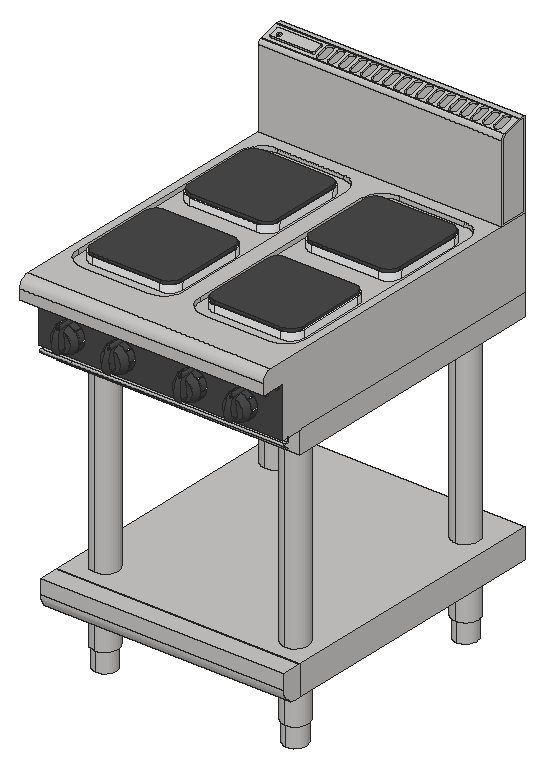
Revit family "QF_Moffat_RNB8400SE-LS_Electric_Cooktops_Sealed_Hobs_cat", category Specialty Equipment, Revit 2019 (continued)
Definition of nested family "High and Low Option"
  Definition of nested family "QF_LOGO_Waldorf1"
    Forms (mm)
      Extrusion 1, solid
        sketch origin (0, -12.9, 9.899) x (1, 0, 0) y (0, 0.965926, 0.258819)
          loop
            line (109, 3.464) -> (109, 23.247)
            spline (109, 23.247) -> (108.966, 23.699) -> (108.864, 24.143) -> (108.696, 24.572) -> (108.464, 24.979) -> (108.173, 25.355) -> (107.828, 25.696) -> (107.435, 25.995) -> (107, 26.247) -> (106.531, 26.447) -> (106.035, 26.593) -> (105.522, 26.681) -> (105, 26.711)
            line (105, 26.711) -> (4, 26.711)
            spline (4, 26.711) -> (3.478, 26.681) -> (2.965, 26.593) -> (2.469, 26.447) -> (2, 26.247) -> (1.565, 25.995) -> (1.172, 25.696) -> (0.827, 25.355) -> (0.536, 24.979) -> (0.304, 24.572) -> (0.136, 24.143) -> (0.034, 23.699) -> (0, 23.247)
            line (0, 23.247) -> (0, 3.464)
            spline (0, 3.464) -> (0.034, 3.012) -> (0.136, 2.568) -> (0.304, 2.138) -> (0.536, 1.732) -> (0.827, 1.355) -> (1.172, 1.015) -> (1.565, 0.716) -> (2, 0.464) -> (2.469, 0.264) -> (2.965, 0.118) -> (3.478, 0.03) -> (4, 0)
            line (4, 0) -> (105, 0)
            spline (105, 0) -> (105.522, 0.03) -> (106.035, 0.118) -> (106.531, 0.264) -> (107, 0.464) -> (107.435, 0.716) -> (107.828, 1.015) -> (108.173, 1.355) -> (108.464, 1.732) -> (108.696, 2.138) -> (108.864, 2.568) -> (108.966, 3.012) -> (109, 3.464)
          loop
            line (14.75, 7.005) -> (14.75, 15.654)
            arc (14.75, 15.654) -> (10.425, 11.329) -> (14.75, 7.005) r 4.325
          loop
            line (15.25, 15.654) -> (15.25, 7.005)
            arc (15.25, 7.005) -> (19.575, 11.329) -> (15.25, 15.654) r 4.325
        from 0 to 3.2
      Extrusion 2, solid
        sketch origin (0, -12.9, 9.899) x (1, 0, 0) y (0, 0.965926, 0.258819)
          loop
            line (15.25, 15.654) -> (15.25, 7.005)
            arc (15.25, 7.005) -> (19.575, 11.329) -> (15.25, 15.654) r 4.325
        from 0 to 3.2
      Extrusion 3, solid
        sketch origin (16.271, -12.9, 9.899) x (-1, 0, 0) y (0, -0.965926, -0.258819)
          loop
            arc (1.521, -15.654) -> (5.846, -11.329) -> (1.521, -7.005) r 4.325
            line (1.521, -7.005) -> (1.521, -15.654)
        from 0 to 3.2
    Lines and regions (mm)
      Split face 1
        outline origin (0, -13.729, 12.99) x (1, 0, 0) y (0, 0.965926, 0.258819)
          loop
            spline (22.129, 16.975) -> (22.389, 15.984) -> (22.649, 15.002) -> (22.91, 14.028) -> (23.172, 13.065) -> (23.433, 12.11) -> (23.695, 11.166) -> (23.956, 10.232) -> (24.218, 9.308) -> (24.479, 8.396) -> (24.74, 7.495) -> (25, 6.605) -> (25.26, 5.728)
            line (25.26, 5.728) -> (29.463, 5.728)
            spline (29.463, 5.728) -> (29.582, 6.252) -> (29.701, 6.78) -> (29.82, 7.313) -> (29.939, 7.85) -> (30.058, 8.391) -> (30.178, 8.936) -> (30.297, 9.485) -> (30.416, 10.038) -> (30.536, 10.594) -> (30.655, 11.155) -> (30.775, 11.719) -> (30.894, 12.287)
            spline (30.894, 12.287) -> (31.018, 11.719) -> (31.142, 11.155) -> (31.266, 10.594) -> (31.39, 10.038) -> (31.514, 9.485) -> (31.638, 8.936) -> (31.762, 8.391) -> (31.885, 7.85) -> (32.009, 7.313) -> (32.133, 6.78) -> (32.256, 6.252) -> (32.379, 5.728)
            line (32.379, 5.728) -> (36.51, 5.728)
            spline (36.51, 5.728) -> (36.766, 6.605) -> (37.023, 7.495) -> (37.28, 8.396) -> (37.538, 9.308) -> (37.795, 10.232) -> (38.053, 11.166) -> (38.311, 12.11) -> (38.569, 13.065) -> (38.826, 14.028) -> (39.083, 15.002) -> (39.34, 15.984) -> (39.597, 16.975)
            line (39.597, 16.975) -> (35.637, 16.975)
            spline (35.637, 16.975) -> (35.523, 16.334) -> (35.41, 15.697) -> (35.296, 15.063) -> (35.182, 14.433) -> (35.068, 13.807) -> (34.954, 13.185) -> (34.84, 12.566) -> (34.726, 11.952) -> (34.612, 11.342) -> (34.497, 10.737) -> (34.383, 10.135) -> (34.269, 9.538)
            spline (34.269, 9.538) -> (34.138, 10.135) -> (34.008, 10.737) -> (33.877, 11.342) -> (33.746, 11.952) -> (33.616, 12.566) -> (33.485, 13.185) -> (33.354, 13.807) -> (33.224, 14.433) -> (33.093, 15.063) -> (32.963, 15.697) -> (32.833, 16.334) -> (32.703, 16.975)
            line (32.703, 16.975) -> (29.247, 16.975)
            spline (29.247, 16.975) -> (29.111, 16.334) -> (28.974, 15.697) -> (28.837, 15.063) -> (28.7, 14.433) -> (28.562, 13.807) -> (28.425, 13.185) -> (28.288, 12.566) -> (28.15, 11.952) -> (28.013, 11.342) -> (27.875, 10.737) -> (27.738, 10.135) -> (27.6, 9.538)
            spline (27.6, 9.538) -> (27.483, 10.135) -> (27.366, 10.737) -> (27.249, 11.342) -> (27.132, 11.952) -> (27.015, 12.566) -> (26.897, 13.185) -> (26.78, 13.807) -> (26.663, 14.433) -> (26.546, 15.063) -> (26.43, 15.697) -> (26.313, 16.334) -> (26.196, 16.975)
            line (26.196, 16.975) -> (22.129, 16.975)
      Split face 2
        outline origin (0, -13.729, 12.99) x (1, 0, 0) y (0, 0.965926, 0.258819)
          loop
            line (51.449, 5.728) -> (51.035, 6.606) -> (51.035, 11.169)
            spline (51.035, 11.169) -> (50.686, 12.42) -> (50.176, 13.224) -> (49.51, 13.708) -> (48.693, 13.995) -> (47.747, 14.152) -> (46.698, 14.207) -> (45.579, 14.186) -> (44.419, 14.114) -> (43.279, 13.929) -> (42.249, 13.481) -> (41.424, 12.614) -> (40.897, 11.169)
            line (40.897, 11.169) -> (44.617, 11.169) -> (44.988, 11.965)
            spline (44.988, 11.965) -> (47.294, 11.682) -> (46.856, 10.932) -> (45.527, 10.609) -> (43.858, 10.439) -> (42.259, 10.123) -> (41.078, 9.417) -> (40.563, 8.246) -> (40.689, 6.989) -> (41.407, 6.052) -> (42.774, 5.536) -> (44.847, 5.497) -> (47.306, 6.602)
            line (47.306, 6.602) -> (47.624, 5.728) -> (51.449, 5.728)
      Split face 3
        outline origin (0, -13.729, 12.99) x (1, 0, 0) y (0, 0.965926, 0.258819)
          loop
            line (47.264, 9.264) -> (44.938, 8.597)
            spline (44.938, 8.597) -> (44.508, 8.228) -> (44.402, 7.9) -> (44.548, 7.626) -> (44.877, 7.42) -> (45.317, 7.295) -> (45.797, 7.265) -> (46.252, 7.342) -> (46.65, 7.525) -> (46.971, 7.813) -> (47.194, 8.201) -> (47.298, 8.685) -> (47.264, 9.264)
      Split face 4
        outline origin (0, -13.729, 12.99) x (1, 0, 0) y (0, 0.965926, 0.258819)
          loop
            line (53.33, 16.975) -> (53.33, 5.728) -> (57.173, 5.728) -> (57.173, 16.975) -> (53.33, 16.975)
      Split face 5
        outline origin (0, -13.729, 12.99) x (1, 0, 0) y (0, 0.965926, 0.258819)
          loop
            line (65.795, 16.975) -> (65.795, 12.976)
            spline (65.795, 12.976) -> (63.839, 14.082) -> (62.087, 14.096) -> (60.633, 13.343) -> (59.574, 12.148) -> (58.99, 10.806) -> (58.867, 9.452) -> (59.156, 8.159) -> (59.81, 7) -> (60.786, 6.056) -> (62.111, 5.514) -> (63.868, 5.634) -> (66.137, 6.679)
            line (66.137, 6.679) -> (66.137, 5.728) -> (69.511, 5.728) -> (69.511, 16.975) -> (65.795, 16.975)
      Split face 6
        outline origin (0, -13.729, 12.99) x (1, 0, 0) y (0, 0.965926, 0.258819)
          loop
            spline (64.273, 7.499) -> (64.754, 7.57) -> (65.202, 7.777) -> (65.587, 8.106) -> (65.882, 8.535) -> (66.067, 9.034) -> (66.131, 9.57) -> (66.067, 10.106) -> (65.882, 10.605) -> (65.587, 11.034) -> (65.202, 11.363) -> (64.754, 11.57) -> (64.273, 11.64)
            spline (64.273, 11.64) -> (63.793, 11.57) -> (63.345, 11.363) -> (62.96, 11.034) -> (62.665, 10.605) -> (62.479, 10.106) -> (62.416, 9.57) -> (62.479, 9.034) -> (62.665, 8.535) -> (62.96, 8.106) -> (63.345, 7.777) -> (63.793, 7.57) -> (64.273, 7.499)
      Split face 7
        outline origin (0, -13.729, 12.99) x (1, 0, 0) y (0, 0.965926, 0.258819)
          loop
            spline (76.449, 5.305) -> (77.855, 5.457) -> (79.166, 5.901) -> (80.291, 6.607) -> (81.155, 7.527) -> (81.698, 8.599) -> (81.883, 9.749) -> (81.698, 10.899) -> (81.155, 11.97) -> (80.291, 12.891) -> (79.166, 13.597) -> (77.855, 14.041) -> (76.449, 14.192)
            spline (76.449, 14.192) -> (75.042, 14.041) -> (73.731, 13.597) -> (72.606, 12.891) -> (71.742, 11.97) -> (71.199, 10.899) -> (71.014, 9.749) -> (71.199, 8.599) -> (71.742, 7.527) -> (72.606, 6.607) -> (73.731, 5.901) -> (75.042, 5.457) -> (76.449, 5.305)
      Split face 8
        outline origin (0, -13.729, 12.99) x (1, 0, 0) y (0, 0.965926, 0.258819)
          loop
            spline (76.449, 7.654) -> (76.841, 7.725) -> (77.206, 7.934) -> (77.52, 8.267) -> (77.76, 8.701) -> (77.912, 9.206) -> (77.963, 9.749) -> (77.912, 10.291) -> (77.76, 10.796) -> (77.52, 11.23) -> (77.206, 11.563) -> (76.841, 11.772) -> (76.449, 11.843)
            spline (76.449, 11.843) -> (76.057, 11.772) -> (75.691, 11.563) -> (75.378, 11.23) -> (75.137, 10.796) -> (74.986, 10.291) -> (74.934, 9.749) -> (74.986, 9.206) -> (75.137, 8.701) -> (75.378, 8.267) -> (75.691, 7.934) -> (76.057, 7.725) -> (76.449, 7.654)
      Split face 9
        outline origin (0, -13.729, 12.99) x (1, 0, 0) y (0, 0.965926, 0.258819)
          loop
            line (86.998, 12.335) -> (86.998, 13.879) -> (83.479, 13.879) -> (83.479, 5.728) -> (87.312, 5.728) -> (87.312, 8.975)
            spline (87.312, 8.975) -> (87.364, 9.356) -> (87.458, 9.686) -> (87.594, 9.968) -> (87.769, 10.204) -> (87.982, 10.398) -> (88.229, 10.55) -> (88.509, 10.666) -> (88.82, 10.746) -> (89.16, 10.794) -> (89.525, 10.812) -> (89.915, 10.803) -> (90.327, 10.77)
            line (90.327, 10.77) -> (90.327, 14.113)
            spline (90.327, 14.113) -> (89.929, 14.127) -> (89.552, 14.111) -> (89.197, 14.066) -> (88.865, 13.991) -> (88.554, 13.887) -> (88.266, 13.754) -> (87.999, 13.591) -> (87.755, 13.399) -> (87.532, 13.177) -> (87.332, 12.926) -> (87.154, 12.645) -> (86.998, 12.335)
      Split face 10
        outline origin (0, -13.729, 12.99) x (1, 0, 0) y (0, 0.965926, 0.258819)
          loop
            line (92.082, 13.879) -> (90.894, 13.879) -> (90.894, 11.972) -> (92.082, 11.972) -> (92.082, 5.728) -> (95.871, 5.728) -> (95.871, 11.972) -> (97.5, 11.972) -> (97.5, 13.879) -> (95.871, 13.879)
            spline (95.871, 13.879) -> (95.843, 14.088) -> (95.845, 14.278) -> (95.877, 14.447) -> (95.939, 14.596) -> (96.03, 14.726) -> (96.151, 14.835) -> (96.301, 14.925) -> (96.482, 14.995) -> (96.692, 15.045) -> (96.931, 15.075) -> (97.201, 15.085) -> (97.5, 15.076)
            line (97.5, 15.076) -> (97.5, 17.266) -> (95.367, 17.266)
            spline (95.367, 17.266) -> (94.982, 17.253) -> (94.58, 17.21) -> (94.174, 17.132) -> (93.774, 17.013) -> (93.39, 16.846) -> (93.034, 16.627) -> (92.717, 16.349) -> (92.448, 16.007) -> (92.24, 15.595) -> (92.102, 15.106) -> (92.046, 14.537) -> (92.082, 13.879)
    Dimensions and locks
      equal spacing: plane 3 "LEFT", plane 7 "Center Y", plane 4 "RIGHT"
      "Length": plane 3 "LEFT" to plane 4 "RIGHT"
      equal spacing: plane 5 "FRONT", plane 8 "Center X", plane 1 "BACK"
      "Depth": plane 5 "FRONT" to plane 1 "BACK"
      "Height": plane 6 "TOP" to level
      plane 4 "RIGHT" to plane 3 "LEFT" = 138 mm
      aligned and locked: level to plane 2
    Automatic sketch dimensions
      Extrusion 1 sketch curve to plane 3 "LEFT" = 0 mm
      plane 3 "LEFT" to Extrusion 1 sketch curve = 4 mm  (x2)
      Extrusion 1 sketch curve to Extrusion 1 sketch curve = 10.75 mm
      Extrusion 1 sketch curve to Extrusion 1 sketch curve = 0.5 mm
      plane 4 "RIGHT" to Extrusion 1 sketch curve = 33 mm
      Extrusion 1 sketch curve to Extrusion 1 sketch curve = 0 mm  (x3)
      Extrusion 1 sketch curve to Extrusion 1 sketch curve = 4 mm
      Extrusion 1 sketch curve to Extrusion 1 sketch curve = 3.464 mm  (x3)
      Extrusion 1 sketch curve to Extrusion 1 sketch curve = 3.541 mm
      Extrusion 1 sketch curve to Extrusion 1 sketch curve = 4.325 mm
      Extrusion 1 sketch curve to Extrusion 1 sketch curve = 19.783 mm
      Extrusion 1 sketch curve to Extrusion 1 sketch curve = 7.592 mm
      plane 3 "LEFT" to Extrusion 2 sketch curve = 15.25 mm
      Extrusion 2 sketch curve to Extrusion 2 sketch curve = 4.325 mm
      plane 3 "LEFT" to Extrusion 3 sketch curve = 14.75 mm
      Extrusion 3 sketch curve to Extrusion 3 sketch curve = 4.325 mm
      Extrusion 1 to Split face 1 sketch curve = 6.879 mm
      Split face 1 sketch curve to Extrusion 1 = 5.728 mm
      Split face 1 sketch curve to Split face 1 sketch curve = 3.132 mm
      Split face 1 sketch curve to Split face 1 sketch curve = 4.068 mm
      Split face 1 sketch curve to Split face 1 sketch curve = 3.051 mm
      Split face 1 sketch curve to Split face 1 sketch curve = 4.203 mm
      Split face 1 sketch curve to Split face 1 sketch curve = 2.916 mm
      Split face 1 sketch curve to Split face 1 sketch curve = 3.456 mm
      Split face 1 sketch curve to Split face 1 sketch curve = 2.934 mm
      Split face 1 sketch curve to Split face 1 sketch curve = 4.131 mm
      Split face 1 sketch curve to Split face 1 sketch curve = 3.96 mm
      Split face 1 sketch curve to Split face 1 sketch curve = 0 mm  (x2)
      Split face 1 sketch curve to Extrusion 1 = 9.736 mm  (x2)
      Extrusion 1 to Split face 1 sketch curve = 6.337 mm
      Extrusion 1 to Split face 1 sketch curve = 6.231 mm
      Extrusion 1 to Split face 1 sketch curve = 3.184 mm
      Extrusion 1 to Split face 1 sketch curve = 13.135 mm
      Split face 1 sketch curve to Split face 1 sketch curve = 4.652 mm
      Split face 1 sketch curve to Split face 1 sketch curve = 3.593 mm
      Split face 1 sketch curve to Split face 1 sketch curve = 1.863 mm
      Split face 1 sketch curve to Split face 1 sketch curve = 0.713 mm
      Split face 1 sketch curve to Split face 1 sketch curve = 2.684 mm
      Split face 1 sketch curve to Split face 1 sketch curve = 3.294 mm
      Split face 1 sketch curve to Split face 1 sketch curve = 0.459 mm
      Split face 1 sketch curve to Split face 1 sketch curve = 2.775 mm
      Split face 1 sketch curve to Split face 1 sketch curve = 1.89 mm
      Split face 1 sketch curve to Split face 1 sketch curve = 0.685 mm
      Split face 1 sketch curve to Split face 1 sketch curve = 9.486 mm
      Split face 1 sketch curve to Split face 1 sketch curve = 16.213 mm
      Split face 1 sketch curve to Split face 1 sketch curve = 3.48 mm
      Split face 1 sketch curve to Split face 1 sketch curve = 4.918 mm
      Split face 1 sketch curve to Split face 1 sketch curve = 7.609 mm
      Split face 1 sketch curve to Split face 1 sketch curve = 0.01 mm  (x2)
      Split face 1 sketch curve to Split face 1 sketch curve = 0.002 mm
      Split face 2 sketch curve to Extrusion 1 = 11.169 mm
      Extrusion 1 to Split face 2 sketch curve = 25.647 mm
      Split face 2 sketch curve to Split face 2 sketch curve = 3.72 mm
      Split face 2 sketch curve to Extrusion 1 = 11.965 mm
      Split face 2 sketch curve to Split face 2 sketch curve = 0.371 mm
      Split face 2 sketch curve to Extrusion 1 = 6.602 mm
      Split face 2 sketch curve to Split face 2 sketch curve = 2.689 mm
      Split face 2 sketch curve to Split face 2 sketch curve = 0.318 mm
      Split face 2 sketch curve to Split face 2 sketch curve = 3.729 mm
      Split face 2 sketch curve to Split face 2 sketch curve = 0.414 mm
      Split face 2 sketch curve to Split face 2 sketch curve = 0.875 mm
      Split face 2 sketch curve to Split face 2 sketch curve = 0.878 mm
      Split face 3 sketch curve to Extrusion 1 = 8.597 mm
      Extrusion 1 to Split face 3 sketch curve = 29.688 mm
      Split face 3 sketch curve to Extrusion 1 = 9.264 mm
      Split face 3 sketch curve to Split face 3 sketch curve = 2.326 mm
      Split face 4 sketch curve to Extrusion 1 = 5.728 mm
      Extrusion 1 to Split face 4 sketch curve = 38.08 mm
      Split face 4 sketch curve to Split face 4 sketch curve = 3.843 mm
      Split face 4 sketch curve to Extrusion 1 = 9.736 mm
      Split face 5 sketch curve to Extrusion 1 = 9.736 mm
      Split face 5 sketch curve to Extrusion 1 = 43.205 mm
      Split face 5 sketch curve to Extrusion 1 = 6.679 mm
      Split face 5 sketch curve to Split face 5 sketch curve = 0.342 mm
      Split face 5 sketch curve to Split face 5 sketch curve = 3.375 mm
      Split face 5 sketch curve to Split face 5 sketch curve = 0.952 mm
      Split face 5 sketch curve to Split face 5 sketch curve = 3.998 mm
      Split face 6 sketch curve to Extrusion 1 = 7.499 mm
      Split face 6 sketch curve to Extrusion 1 = 44.727 mm
      Split face 6 sketch curve to Split face 6 sketch curve = 2.07 mm
      Split face 7 sketch curve to Extrusion 1 = 5.305 mm
      Split face 7 sketch curve to Extrusion 1 = 32.551 mm
      Split face 7 sketch curve to Split face 7 sketch curve = 4.443 mm
      Split face 8 sketch curve to Extrusion 1 = 7.654 mm
      Split face 8 sketch curve to Extrusion 1 = 32.551 mm
      Split face 8 sketch curve to Split face 8 sketch curve = 2.095 mm
      Split face 9 sketch curve to Extrusion 1 = 5.728 mm
      Split face 9 sketch curve to Extrusion 1 = 25.521 mm
      Split face 9 sketch curve to Split face 9 sketch curve = 3.519 mm
      Split face 9 sketch curve to Split face 9 sketch curve = 0.315 mm
      Split face 9 sketch curve to Split face 9 sketch curve = 3.33 mm
      Split face 9 sketch curve to Split face 9 sketch curve = 3.248 mm
      Split face 9 sketch curve to Split face 9 sketch curve = 1.795 mm
      Split face 9 sketch curve to Split face 9 sketch curve = 3.36 mm
      Split face 9 sketch curve to Split face 9 sketch curve = 1.545 mm
      Split face 9 sketch curve to Split face 9 sketch curve = 0.233 mm
      Split face 10 sketch curve to Extrusion 1 = 18.106 mm
      Split face 10 sketch curve to Split face 10 sketch curve = 1.188 mm  (x2)
      Split face 10 sketch curve to Split face 10 sketch curve = 3.285 mm
      Split face 10 sketch curve to Split face 10 sketch curve = 3.789 mm
      Split face 10 sketch curve to Split face 10 sketch curve = 0 mm  (x2)
      Split face 10 sketch curve to Split face 10 sketch curve = 1.629 mm
      Split face 10 sketch curve to Split face 10 sketch curve = 2.133 mm
      Split face 10 sketch curve to Extrusion 1 = 5.728 mm
      Split face 10 sketch curve to Split face 10 sketch curve = 6.245 mm
      Split face 10 sketch curve to Split face 10 sketch curve = 1.907 mm  (x2)
      Split face 10 sketch curve to Split face 10 sketch curve = 1.197 mm
      Split face 10 sketch curve to Split face 10 sketch curve = 2.19 mm
